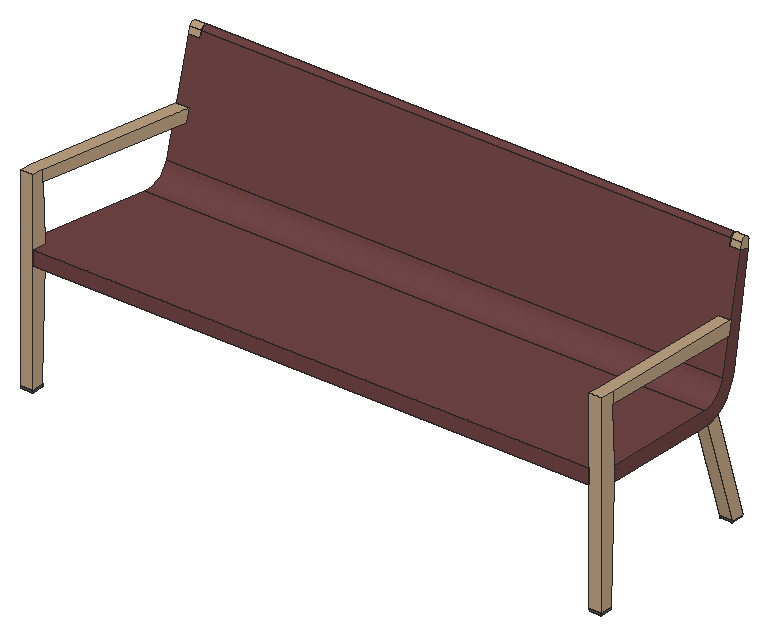
Revit family "Haworth_Janus_Quinta_Sofas", category Furniture, Revit 2018
Family settings
  OmniClass Number = 23.40.70.14.64.21
  OmniClass Title = Systems Furniture
  Work Plane-Based = No
  Always vertical = Yes
  Cut with Voids When Loaded = No
  Shared = No
  Room Calculation Point = No
Parameters (values of type "HCJC-QN-L3A-W - Three Seats")
  Wood Finish = Haworth _ Wood _ JanusQuinta _ Natural Teak JW1-97
  Warranty = "https://www.haworth.com/resources/product-info/warranties"
  URL - Product = "https://www.haworth.com/products/seating/outdoor/quinta"
  Type Comments = ""
  Two Seats = no
  Three Seats = not(Two Seats)  # yes
  Support Finish [instance] = Haworth _ Fabric _ JANUSfiber _ Bronze JJF-40
  Arm Height = 25"  # constant formula
  Model = "HCJC-QN-L3A-W"
  URL = "http://www.haworth.com/our-brands/haworth-collection"
  Size = "Verify Final Dim. w/ Haworth"  # constant formula
  Revision Number = "2"  # constant formula
  Manufacturer = "Haworth"  # constant formula
  Seat Height = 16 1/2"  # constant formula
  Glide Finish = Haworth _ Polymer _ Black
  Description = "Haworth Janus Quinta - Three Seat Sofa"
  Author = "Haworth (Abd Rahman)"  # constant formula
  Assembly Code = "E2020200"
  Actual Width = if(Two Seats, 53", 74 3/4")  # 74 3/4"
  Actual Height = 32"  # constant formula
  Actual Depth = 26"  # constant formula
Types (3): name | Two Seats | Three Seats | Model | Description | Actual Width
  (no name) | no | yes | "HCJC-QN-L3A-W" | "Haworth Janus Quinta - Three Seat Sofa" | 74 3/4"
  HCJC-QN-L3A-W - Three Seats | no | yes | "HCJC-QN-L3A-W" | "Haworth Janus Quinta - Three Seat Sofa" | 74 3/4"
  HCJC-QN-L2A-W - Two Seats | yes | no | "HCJC-QN-L2A-W" | "Haworth Janus Quinta - Two Seat Sofa" | 53"
Reference planes (in)
  plane 1 "Center F/B": y = -0.15866
  plane 2 "Floor": z = 0
  plane 3 "Center L/R": x = -0.125
  plane 4: z = 0
  plane 5: x = -37.5
  plane 6: y = 12.84134
  plane 7: y = -13.15866
  plane 8: x = 37.25
  plane 9 "Arm Height": z = 25
  plane 10: z = 0.25
  plane 11 "Leg Height": z = 16.5
  plane 12: z = 32
  plane 13: x = 35.65299
  plane 14: x = -35.90299
  plane 15: x = 33.91372
  plane 16: x = -34.16372
  plane 17: through (480, 9.96266, 0.25) normal (0, -0.9547, -0.2977)
  plane 18: through (480, 11.48522, 0.25) normal (0, -0.959, -0.2835)
Forms (in)
  Extrusion 1, void
    sketch origin (0.47656, 0, 0) x (1, 0, 0) y (0, 1, 0)
      loop
        line (35.10257, 10.0191) -> (36.77344, -11.31374) -> (36.77344, -13.15866) -> (38.11528, -13.15866) -> (38.11528, 10.0191) -> (35.10257, 10.0191)
      loop
        line (33.50108, 9.94654) -> (33.08453, 9.94654) -> (33.08453, -13.20641) -> (35.17643, -13.20641) -> (35.17643, -11.69416) -> (35.14883, -11.58972) -> (33.50108, 9.94654)
    from 14.27881 to 27.46666
  Extrusion 2, solid, material "Haworth _ Fabric _ JANUSfiber _ Bronze JJF-40" <- "Support Finish"
    sketch origin (-0.125, 0, 0.02927) x (0, 1, 0) y (0, 0, 1)
      loop
        line (-13.15866, 14.53384) -> (4.97522, 13.15098)
        arc (4.97522, 13.15098) -> (8.39691, 14.16797) -> (10.26838, 17.20767) r 5
        line (10.26838, 17.20767) -> (12.8936, 31.09358)
        arc (12.8936, 31.09358) -> (12.45463, 31.75665) -> (11.77973, 31.33608) r 0.5702
        line (11.77973, 31.33608) -> (8.32845, 17.34731)
        arc (8.32845, 17.34731) -> (7.17468, 15.63562) -> (5.18815, 15.07456) r 3
        line (5.18815, 15.07456) -> (-13.15866, 16.47073) -> (-13.15866, 14.53384)
    from -37.375 to 37.375
  Extrusion 3, void
    sketch origin (0, 0, 0) x (1, 0, 0) y (0, 1, 0)
      loop
        line (-37.47457, -11.33217) -> (-35.43689, 13.74055) -> (-38.50316, 13.74055) -> (-38.50316, -11.33217) -> (-37.47457, -11.33217)
    from 13.03853 to 36.94343
  Extrusion 4, solid, material "Haworth _ Fabric _ JANUSfiber _ Bronze JJF-40" <- "Support Finish"
    sketch origin (-0.125, 0, 0.11987) x (0, 1, 0) y (0, 0, -1)
      loop
        line (-13.15866, -0.13013) -> (-13.15866, -24.94257)
        arc (-13.15866, -24.94257) -> (-13.148, -24.9759) -> (-13.11998, -24.99685) r 0.05743
        line (-13.11998, -24.99685) -> (-11.60413, -24.88059) -> (-11.27236, -16.4375) -> (-11.27236, -14.56279) -> (-11.66307, -0.13013) -> (-13.15866, -0.13013)
    from -35.77799 to -37.375
  Extrusion 5, solid, material "Haworth _ Polymer _ Black" <- "Glide Finish"
    sketch origin (0, 0.21875, 0) x (1, 0, 0) y (0, 1, 0)
      loop
        arc (35.76313, -11.76496) -> (35.67444, -11.8017) -> (35.6377, -11.8904) r 0.12543
        line (35.6377, -11.8904) -> (35.6377, -13.29903)
        arc (35.6377, -13.29903) -> (35.67464, -13.38822) -> (35.76383, -13.42516) r 0.12613
        line (35.76383, -13.42516) -> (37.125, -13.42516)
        arc (37.125, -13.42516) -> (37.21339, -13.38855) -> (37.25, -13.30016) r 0.125
        line (37.25, -13.30016) -> (37.25, -11.88996)
        arc (37.25, -11.88996) -> (37.21339, -11.80158) -> (37.125, -11.76496) r 0.125
        line (37.125, -11.76496) -> (35.76313, -11.76496)
    from 0 to 0.25
  Extrusion 6, solid, material "Haworth _ Polymer _ Black" <- "Glide Finish"
    sketch origin (-0.25, 0.21875, 0) x (-1, 0, 0) y (0, -1, 0)
      loop
        line (35.76313, 11.76496) -> (37.125, 11.76496)
        arc (37.125, 11.76496) -> (37.21339, 11.80158) -> (37.25, 11.88996) r 0.125
        line (37.25, 11.88996) -> (37.25, 13.30016)
        arc (37.25, 13.30016) -> (37.21339, 13.38855) -> (37.125, 13.42516) r 0.125
        line (37.125, 13.42516) -> (35.76383, 13.42516)
        arc (35.76383, 13.42516) -> (35.67464, 13.38822) -> (35.6377, 13.29903) r 0.12613
        line (35.6377, 13.29903) -> (35.6377, 11.8904)
        arc (35.6377, 11.8904) -> (35.67444, 11.8017) -> (35.76313, 11.76496) r 0.12543
    from 0 to 0.25
  Extrusion 7, solid, material "Haworth _ Polymer _ Black" <- "Glide Finish"
    sketch origin (-1.66895, -1.86112, 0) x (1, 0, 0) y (0, 1, 0)
      loop
        line (35.76313, 11.76496) -> (37.125, 11.76496)
        arc (37.125, 11.76496) -> (37.21339, 11.80158) -> (37.25, 11.88996) r 0.125
        line (37.25, 11.88996) -> (37.25, 13.30016)
        arc (37.25, 13.30016) -> (37.21339, 13.38855) -> (37.125, 13.42516) r 0.125
        line (37.125, 13.42516) -> (35.76383, 13.42516)
        arc (35.76383, 13.42516) -> (35.67464, 13.38822) -> (35.6377, 13.29903) r 0.12613
        line (35.6377, 13.29903) -> (35.6377, 11.8904)
        arc (35.6377, 11.8904) -> (35.67444, 11.8017) -> (35.76313, 11.76496) r 0.12543
    from 0 to 0.25
  Extrusion 8, solid, material "Haworth _ Polymer _ Black" <- "Glide Finish"
    sketch origin (1.39766, -1.86114, 0) x (-1, 0, 0) y (0, -1, 0)
      loop
        arc (35.76313, -11.76496) -> (35.67444, -11.8017) -> (35.6377, -11.8904) r 0.12543
        line (35.6377, -11.8904) -> (35.6377, -13.29903)
        arc (35.6377, -13.29903) -> (35.67464, -13.38822) -> (35.76383, -13.42516) r 0.12613
        line (35.76383, -13.42516) -> (37.125, -13.42516)
        arc (37.125, -13.42516) -> (37.21339, -13.38855) -> (37.25, -13.30016) r 0.125
        line (37.25, -13.30016) -> (37.25, -11.88996)
        arc (37.25, -11.88996) -> (37.21339, -11.80158) -> (37.125, -11.76496) r 0.125
        line (37.125, -11.76496) -> (35.76313, -11.76496)
    from 0 to 0.25
  Extrusion 9, solid, material "Haworth _ Fabric _ JANUSfiber _ Bronze JJF-40" <- "Support Finish"
    sketch origin (-0.125, 0, 0.11987) x (0, 1, 0) y (0, 0, 1)
      loop
        line (-13.15866, 23.59437) -> (9.34235, 21.61776) -> (9.74341, 23.24333) -> (-13.15866, 24.99982) -> (-13.15866, 23.59437)
    from 34.03872 to 37.375
  Extrusion 10, void
    sketch origin (-0.72656, 0, 0) x (-1, 0, 0) y (0, -1, 0)
      loop
        line (35.10257, -10.0191) -> (38.11528, -10.0191) -> (38.11528, 13.50291) -> (36.77344, 13.50291) -> (36.77344, 11.31374) -> (35.10257, -10.0191)
      loop
        line (33.50108, -9.94654) -> (35.14883, 11.58972) -> (35.17643, 11.6293) -> (35.17643, 13.55224) -> (33.08453, 13.55224) -> (33.08453, -9.94654) -> (33.50108, -9.94654)
    from 14.27881 to 27.46666
  Extrusion 11, solid, material "Haworth _ Fabric _ JANUSfiber _ Bronze JJF-40" <- "Support Finish"
    sketch origin (-0.125, 0, 0.27021) x (0, 1, 0) y (0, 0, 1)
      loop
        line (9.96266, -0.02021) -> (11.48522, -0.02021) -> (7.40213, 13.7909)
        arc (7.40213, 13.7909) -> (6.62102, 13.48718) -> (5.79532, 13.34367) r 4.22326
        line (5.79532, 13.34367) -> (9.96266, -0.02021)
    from 34.03872 to 35.77799
  Extrusion 12, solid, material "Haworth _ Fabric _ JANUSfiber _ Bronze JJF-40" <- "Support Finish"
    sketch origin (-0.125, 0, 0.27021) x (0, 1, 0) y (0, 0, -1)
      loop
        line (10.04693, 0.02021) -> (5.87958, -13.34367)
        arc (5.87958, -13.34367) -> (6.70303, -13.48761) -> (7.48201, -13.7909) r 4.22365
        line (7.48201, -13.7909) -> (11.56511, 0.02021) -> (10.04693, 0.02021)
    from 34.03872 to 35.77799
  Extrusion 13, solid, material "Haworth _ Wood _ JanusQuinta _ Natural Teak JW1-97" <- "Wood Finish", visible <- "Three Seats"
    sketch origin (-35.19497, 0, 0.27021) x (0, 1, 0) y (0, 0, 1)
      loop
        line (10.04693, -0.02021) -> (11.56511, -0.02021) -> (7.48201, 13.7909)
        arc (7.48201, 13.7909) -> (6.70303, 13.48761) -> (5.87958, 13.34367) r 4.22365
        line (5.87958, 13.34367) -> (10.04693, -0.02021)
    from 34.03872 to 35.77799
  Extrusion 14, void
    sketch origin (-0.25, 0, 0) x (-1, 0, 0) y (0, -1, 0)
      loop
        line (-37.47457, 11.33217) -> (-38.50316, 11.33217) -> (-38.50316, -13.74055) -> (-35.43689, -13.74055) -> (-37.47457, 11.33217)
    from 13.03853 to 36.94343
  Extrusion 15, solid, material "Haworth _ Polymer _ Black" <- "Glide Finish", visible <- "Three Seats"
    sketch origin (-25.8701, -1.86112, 0) x (1, 0, 0) y (0, 1, 0)
      loop
        line (24.88813, 11.76496) -> (26.25, 11.76496)
        arc (26.25, 11.76496) -> (26.33839, 11.80158) -> (26.375, 11.88996) r 0.125
        line (26.375, 11.88996) -> (26.375, 13.30016)
        arc (26.375, 13.30016) -> (26.33839, 13.38855) -> (26.25, 13.42516) r 0.125
        line (26.25, 13.42516) -> (24.88883, 13.42516)
        arc (24.88883, 13.42516) -> (24.79964, 13.38822) -> (24.7627, 13.29903) r 0.12613
        line (24.7627, 13.29903) -> (24.7627, 11.8904)
        arc (24.7627, 11.8904) -> (24.79944, 11.8017) -> (24.88813, 11.76496) r 0.12543
    from 0 to 0.25
  Extrusion 16, void
    sketch origin (0, 0, 0) x (1, 0, 0) y (0, 1, 0)
      loop
        line (35.65299, -13.15866) -> (37.25, -13.15866) -> (37.25, -11.27236) -> (35.65299, -11.27236) -> (35.65299, -13.15866)
    from 14.23171 to 16.67931
  Extrusion 17, void
    sketch origin (-0.25, 0, 0) x (-1, 0, 0) y (0, -1, 0)
      loop
        line (35.65299, 13.15866) -> (35.65299, 11.27236) -> (37.25, 11.27236) -> (37.25, 13.15866) -> (35.65299, 13.15866)
    from 14.23171 to 16.67931
  Extrusion 18, solid, material "Haworth _ Fabric _ JANUSfiber _ Bronze JJF-40" <- "Support Finish"
    sketch origin (-0.125, 0, 0.00018) x (0, 1, 0) y (0, 0, -1)
      loop
        line (-13.15866, -23.71406) -> (-13.15866, -25.11951) -> (9.77239, -23.36079) -> (9.37126, -21.73491) -> (-13.15866, -23.71406)
    from 37.375 to 34.03872
  Extrusion 19, solid, material "Haworth _ Fabric _ JANUSfiber _ Bronze JJF-40" <- "Support Finish"
    sketch origin (-0.125, 0, 0.11987) x (0, 1, 0) y (0, 0, 1)
      loop
        line (-13.15866, 0.13013) -> (-11.66307, 0.13013) -> (-11.27236, 14.56279) -> (-11.27236, 16.4375) -> (-11.60413, 24.88059) -> (-13.11998, 24.99685)
        arc (-13.11998, 24.99685) -> (-13.148, 24.9759) -> (-13.15866, 24.94257) r 0.05743
        line (-13.15866, 24.94257) -> (-13.15866, 0.13013)
    from -35.77799 to -37.375
  Extrusion 20, solid, material "Haworth _ Wood _ JanusQuinta _ Natural Teak JW1-97" <- "Wood Finish"
    sketch origin (-0.125, 0, 0) x (0, 1, 0) y (0, 0, 1)
      loop
        line (12.73329, 30.2749) -> (12.8936, 31.12285)
        arc (12.8936, 31.12285) -> (12.45463, 31.78592) -> (11.77973, 31.36536) r 0.5702
        line (11.77973, 31.36536) -> (11.58084, 30.55923) -> (12.73329, 30.2749)
    from 34.03872 to 35.77799
  Extrusion 21, void
    sketch origin (-0.125, 0, 0) x (0, 1, 0) y (0, 0, 1)
      loop
        line (11.77973, 31.36536) -> (11.58084, 30.55923) -> (12.73329, 30.2749) -> (12.8936, 31.12285)
        arc (12.8936, 31.12285) -> (12.45463, 31.78592) -> (11.77973, 31.36536) r 0.5702
    from 34.03872 to 40.84839
  Extrusion 22, void
    sketch origin (-0.25869, 0, 0) x (0, 1, 0) y (0, 0, -1)
      loop
        arc (11.77973, -31.36536) -> (12.45463, -31.78592) -> (12.8936, -31.12285) r 0.5702
        line (12.8936, -31.12285) -> (12.73329, -30.2749) -> (11.58084, -30.55923) -> (11.77973, -31.36536)
    from 33.90503 to 40.84839
  Extrusion 23, solid, material "Haworth _ Wood _ JanusQuinta _ Natural Teak JW1-97" <- "Wood Finish"
    sketch origin (-0.125, 0, 0) x (0, 1, 0) y (0, 0, -1)
      loop
        line (12.73329, -30.2749) -> (11.58084, -30.55923) -> (11.77973, -31.36536)
        arc (11.77973, -31.36536) -> (12.45463, -31.78592) -> (12.8936, -31.12285) r 0.5702
        line (12.8936, -31.12285) -> (12.73329, -30.2749)
    from 34.03872 to 35.77799
Cuts and joins
  Extrusion 1, Extrusion 14, Extrusion 16 cuts Extrusion 9
  Extrusion 16 cuts Extrusion 11
  Extrusion 16 cuts Extrusion 12
  joined: Extrusion 4, Extrusion 9, Extrusion 11, Extrusion 12
  Extrusion 3, Extrusion 14, Extrusion 16, Extrusion 17, Extrusion 21, Extrusion 22 cuts Extrusion 2
  Extrusion 16 cuts Extrusion 5
  Extrusion 16 cuts Extrusion 13
  Extrusion 10 cuts Extrusion 18
  joined: Extrusion 18, Extrusion 19
  Extrusion 14, Extrusion 22 cuts Extrusion 20
  Extrusion 3 cuts Extrusion 23
Lines and regions (in)
  Masking region 1
    outline origin (0, 0, 0) x (1, 0, 0) y (0, 1, 0)
      loop
        line (37.25, 12.84134) -> (-37.5, 12.84134) -> (-37.5, -13.15866) -> (37.25, -13.15866) -> (37.25, 12.84134)
  symbolic lines, style "Haworth"
    curve 1: line (-35.90299, -13.15866, 0) -> (-35.90299, 9.34134, 0)
    curve 2: line (-35.90299, 9.34134, 0) -> (-37.5, 9.34134, 0)
    curve 3: line (-35.90299, 5.87958, 0) -> (35.65299, 5.87958, 0)
    curve 4: line (35.76383, 9.29359, 0) -> (35.76383, -13.20641, 0)
    curve 5: line (35.76383, 9.29359, 0) -> (37.25, 9.29359, 0)
Dimensions and locks (in)
  "Actual Width": plane 5 to plane 8
  equal spacing: plane 5, plane 3 "Center L/R", plane 8
  "Actual Depth": plane 6 to plane 7
  equal spacing: plane 6, plane 1 "Center F/B", plane 7
  "Seat Height": plane 11 "Leg Height" to plane 4
  "Arm Height": plane 9 "Arm Height" to plane 4
  "Actual Height": plane 12 to plane 4
  plane 16 to plane 14 to plane 5 = 1.73927" locked, 1.59701" locked
  plane 15 to plane 13 to plane 8 = 1.73927" locked, 1.59701" locked
  aligned and locked: Extrusion 2 to plane 5
  aligned and locked: Extrusion 2 to plane 8
  aligned and locked: plane 8 to Extrusion 5 sketch curve
  aligned and locked: Extrusion 5 to plane 4
  aligned and locked: plane 10 to Extrusion 5
  aligned and locked: Extrusion 9 to plane 8
  aligned and locked: plane 15 to Extrusion 9
  aligned and locked: plane 7 to Extrusion 4 sketch curve
  aligned and locked: Extrusion 11 to plane 10
  aligned and locked: Extrusion 11 to plane 18
  aligned and locked: plane 17 to Extrusion 11
  aligned and locked: Extrusion 11 to plane 13
  aligned and locked: plane 15 to Extrusion 11
  aligned and locked: plane 16 to Extrusion 12
  aligned and locked: plane 14 to Extrusion 12
  aligned and locked: Extrusion 11 to plane 15
  aligned and locked: Extrusion 12 to plane 16
  aligned and locked: plane 13 to Extrusion 11  (x2)
  aligned and locked: plane 8 to cut or joined group of Extrusion 1, Extrusion 4, Extrusion 9, Extrusion 11, Extrusion 12, Extrusion 14, Extrusion 16
  aligned and locked: plane 13 to cut or joined group of Extrusion 1, Extrusion 4, Extrusion 9, Extrusion 11, Extrusion 12, Extrusion 14, Extrusion 16
  aligned and locked: cut or joined group of Extrusion 1, Extrusion 4, Extrusion 9, Extrusion 11, Extrusion 12, Extrusion 14, Extrusion 16 to plane 10  (x2)
  aligned and locked: plane 16 to cut or joined group of Extrusion 1, Extrusion 4, Extrusion 9, Extrusion 11, Extrusion 12, Extrusion 14, Extrusion 16
  aligned and locked: plane 7 to Extrusion 9 sketch curve
  aligned and locked: plane 7 to Extrusion 18 sketch curve
  aligned and locked: Extrusion 19 to plane 14
  aligned and locked: Extrusion 19 to plane 5
  aligned and locked: Extrusion 18 sketch curve to Extrusion 19
  aligned and locked: Extrusion 18 sketch curve to cut or joined group of Extrusion 1, Extrusion 4, Extrusion 9, Extrusion 11, Extrusion 12, Extrusion 14, Extrusion 16
  aligned and locked: plane 16 to cut or joined group of Extrusion 10, Extrusion 18, Extrusion 19
  aligned and locked: cut or joined group of Extrusion 10, Extrusion 18, Extrusion 19 to plane 5
  aligned and locked: Masking region 1 to plane 6
  aligned and locked: cut or joined group of Extrusion 2, Extrusion 3, Extrusion 14, Extrusion 16, Extrusion 17, Extrusion 21, Extrusion 22 to plane 7
  aligned and locked: Masking region 1 to plane 5
  aligned and locked: Masking region 1 to plane 8
  aligned and locked: cut or joined group of Extrusion 10, Extrusion 18, Extrusion 19 to plane 7  (x5)
  aligned and locked: cut or joined group of Extrusion 1, Extrusion 4, Extrusion 9, Extrusion 11, Extrusion 12, Extrusion 14, Extrusion 16 to plane 7  (x3)
  aligned and locked: plane 5 to cut or joined group of Extrusion 10, Extrusion 18, Extrusion 19
  aligned and locked: plane 14 to cut or joined group of Extrusion 10, Extrusion 18, Extrusion 19
  aligned and locked: plane 14 to cut or joined group of Extrusion 1, Extrusion 4, Extrusion 9, Extrusion 11, Extrusion 12, Extrusion 14, Extrusion 16
  aligned and locked: cut or joined group of Extrusion 1, Extrusion 4, Extrusion 9, Extrusion 11, Extrusion 12, Extrusion 14, Extrusion 16 to plane 16
  aligned and locked: plane 7 to Extrusion 19 sketch curve
  aligned and locked: plane 10 to Extrusion 19 sketch curve
  aligned and locked: plane 15 to cut or joined group of Extrusion 14, Extrusion 20, Extrusion 22
  aligned and locked: cut or joined group of Extrusion 14, Extrusion 20, Extrusion 22 to plane 13
  aligned and locked: plane 14 to Extrusion 23
  aligned and locked: plane 16 to Extrusion 23
  aligned and locked: Extrusion 21 to cut or joined group of Extrusion 14, Extrusion 20, Extrusion 22
  aligned and locked: Extrusion 22 to Extrusion 23
Automatic sketch dimensions
  curve 2 to plane 5 = 0"
  curve 2 to plane 14 = 0"
  curve 3 to plane 13 = 0"
  curve 5 to plane 8 = 0"
  curve 1 to plane 7 = 0"
  curve 5 to plane 13 = 0.11084"
  plane 6 to curve 5 = 3.54775"
  plane 6 to curve 1 = 3 1/2"
  curve 4 to plane 7 = 0.04775"
  curve 3 to curve 4 = 3.41401"
  Extrusion 1 sketch curve to plane 13 = 0"
  Extrusion 1 sketch curve to plane 8 = 0"
  Extrusion 1 sketch curve to plane 7 = 0"
  plane 13 to Extrusion 1 sketch curve = 0.0276"
  plane 13 to Extrusion 1 sketch curve = 0.07385"
  Extrusion 1 sketch curve to plane 15 = 0.06393"
  Extrusion 1 sketch curve to plane 7 = 0.04775"
  plane 15 to Extrusion 1 sketch curve = 0.35263"
  Extrusion 1 sketch curve to plane 8 = 1.34185"
  plane 7 to Extrusion 1 sketch curve = 1.4645"
  Extrusion 1 sketch curve to Extrusion 1 sketch curve = 0.10444"
  Extrusion 1 sketch curve to Extrusion 1 sketch curve = 0.38043"
  plane 6 to Extrusion 1 sketch curve = 2.8948"
  Extrusion 1 sketch curve to Extrusion 1 sketch curve = 0.07256"
  Extrusion 2 sketch curve to plane 7 = 0"
  Extrusion 2 sketch curve to plane 11 "Leg Height" = 0"
  Extrusion 2 sketch curve to plane 1 "Center F/B" = 5.13388"
  Extrusion 2 sketch curve to plane 11 "Leg Height" = 1.39617"
  Extrusion 2 sketch curve to Extrusion 2 sketch curve = 0.21293"
  Extrusion 2 sketch curve to Extrusion 2 sketch curve = 0.16726"
  Extrusion 2 sketch curve to Extrusion 2 sketch curve = 0.06038"
  plane 11 "Leg Height" to Extrusion 2 sketch curve = 0.87658"
  Extrusion 2 sketch curve to Extrusion 2 sketch curve = 2.91266"
  plane 11 "Leg Height" to Extrusion 2 sketch curve = 0.73695"
  Extrusion 2 sketch curve to Extrusion 2 sketch curve = 1.93992"
  plane 6 to Extrusion 2 sketch curve = 1.06161"
  plane 6 to Extrusion 2 sketch curve = 0.50801"
  Extrusion 2 sketch curve to plane 6 = 0.05226"
  Extrusion 2 sketch curve to Extrusion 2 sketch curve = 1.93688"
  Extrusion 2 sketch curve to Extrusion 2 sketch curve = 1.92358"
  Extrusion 2 sketch curve to plane 12 = 0.87715"
  Extrusion 2 sketch curve to Extrusion 2 sketch curve = 0.10592"
  Extrusion 3 sketch curve to plane 5 = 1.00316"
  plane 5 to Extrusion 3 sketch curve = 0.02543"
  Extrusion 3 sketch curve to plane 14 = 0.4661"
  plane 7 to Extrusion 3 sketch curve = 1.82649"
  Extrusion 3 sketch curve to plane 6 = 0.89921"
  Extrusion 4 sketch curve to plane 10 = 0"
  plane 7 to Extrusion 4 sketch curve = 0.03868"
  Extrusion 4 sketch curve to Extrusion 4 sketch curve = 0.01875"
  Extrusion 4 sketch curve to Extrusion 4 sketch curve = 1.49559"
  plane 9 "Arm Height" to Extrusion 4 sketch curve = 0.00046"
  Extrusion 4 sketch curve to Extrusion 4 sketch curve = 1.49709"
  plane 7 to Extrusion 4 sketch curve = 1.8863"
  plane 9 "Arm Height" to Extrusion 4 sketch curve = 0.06244"
  plane 11 "Leg Height" to Extrusion 4 sketch curve = 0.05737"
  Extrusion 4 sketch curve to plane 11 "Leg Height" = 1.81734"
  plane 7 to Extrusion 5 sketch curve = 0.07725"
  plane 8 to Extrusion 5 sketch curve = 1/8"  (x2)
  Extrusion 5 sketch curve to plane 13 = 0.11084"
  Extrusion 5 sketch curve to plane 13 = 0.11014"
  plane 13 to Extrusion 5 sketch curve = 0.01529"
  Extrusion 5 sketch curve to Extrusion 5 sketch curve = 1.40863"
  Extrusion 6 sketch curve to plane 5 = 0"
  Extrusion 6 sketch curve to plane 7 = 0.07725"
  Extrusion 6 sketch curve to Extrusion 6 sketch curve = 1/8"  (x2)
  Extrusion 6 sketch curve to plane 14 = 0.11084"
  Extrusion 6 sketch curve to plane 14 = 0.11014"
  plane 14 to Extrusion 6 sketch curve = 0.01529"
  Extrusion 6 sketch curve to Extrusion 6 sketch curve = 1.40863"
  plane 15 to Extrusion 7 sketch curve = 0.05503"
  Extrusion 7 sketch curve to Extrusion 7 sketch curve = 0.12543"
  Extrusion 7 sketch curve to Extrusion 7 sketch curve = 0.12613"
  Extrusion 7 sketch curve to plane 13 = 0.19694"  (x2)
  Extrusion 7 sketch curve to plane 13 = 0.07194"
  Extrusion 7 sketch curve to plane 6 = 1.2773"
  Extrusion 7 sketch curve to Extrusion 7 sketch curve = 1.40863"
  Extrusion 8 sketch curve to plane 16 = 0.07632"
  Extrusion 8 sketch curve to Extrusion 8 sketch curve = 0.12543"
  Extrusion 8 sketch curve to Extrusion 8 sketch curve = 0.12613"
  Extrusion 8 sketch curve to plane 14 = 0.17565"  (x2)
  Extrusion 8 sketch curve to plane 14 = 0.05065"
  plane 6 to Extrusion 8 sketch curve = 1.27732"
  Extrusion 8 sketch curve to Extrusion 8 sketch curve = 1.40863"
  plane 6 to Extrusion 9 sketch curve = 3.49899"
  Extrusion 9 sketch curve to Extrusion 9 sketch curve = 0.40105"
  Extrusion 9 sketch curve to plane 9 "Arm Height" = 3.26237"
  Extrusion 9 sketch curve to plane 9 "Arm Height" = 1.6368"
  Extrusion 9 sketch curve to plane 9 "Arm Height" = 1.28576"
  plane 9 "Arm Height" to Extrusion 9 sketch curve = 0.11969"
  Extrusion 10 sketch curve to plane 14 = 0"
  Extrusion 10 sketch curve to plane 5 = 0"
  plane 14 to Extrusion 10 sketch curve = 0.0276"
  plane 14 to Extrusion 10 sketch curve = 0.07385"
  plane 16 to Extrusion 10 sketch curve = 0.06393"
  Extrusion 10 sketch curve to plane 16 = 0.35263"
  plane 5 to Extrusion 10 sketch curve = 1.34185"
  plane 7 to Extrusion 10 sketch curve = 0.39358"
  plane 7 to Extrusion 10 sketch curve = 0.34425"
  Extrusion 10 sketch curve to plane 7 = 1.52936"
  Extrusion 10 sketch curve to Extrusion 10 sketch curve = 0.03958"
  Extrusion 10 sketch curve to Extrusion 10 sketch curve = 0.31557"
  Extrusion 10 sketch curve to plane 6 = 2.8948"
  Extrusion 10 sketch curve to Extrusion 10 sketch curve = 0.07256"
  plane 17 to Extrusion 11 sketch curve = 0"  (x2)
  plane 18 to Extrusion 11 sketch curve = 0"  (x2)
  Extrusion 11 sketch curve to plane 10 = 0"
  Extrusion 11 sketch curve to plane 11 "Leg Height" = 2.43889"
  level to Extrusion 11 sketch curve = 13.61388"
  plane 11 "Leg Height" to Extrusion 11 sketch curve = 1.32599"
  Extrusion 12 sketch curve to plane 10 = 0"
  plane 11 "Leg Height" to Extrusion 12 sketch curve = 1.32599"
  Extrusion 12 sketch curve to plane 1 "Center F/B" = 5.72628"
  Extrusion 12 sketch curve to plane 11 "Leg Height" = 2.88612"
  Extrusion 12 sketch curve to Extrusion 12 sketch curve = 0.31196"
  Extrusion 12 sketch curve to plane 11 "Leg Height" = 2.43889"
  plane 6 to Extrusion 12 sketch curve = 2.79441"
  plane 6 to Extrusion 12 sketch curve = 1.27623"
  Extrusion 13 sketch curve to plane 10 = 0"
  plane 11 "Leg Height" to Extrusion 13 sketch curve = 1.32599"
  Extrusion 13 sketch curve to plane 1 "Center F/B" = 5.72628"
  Extrusion 13 sketch curve to plane 11 "Leg Height" = 2.88612"
  Extrusion 13 sketch curve to Extrusion 13 sketch curve = 0.31196"
  Extrusion 13 sketch curve to plane 11 "Leg Height" = 2.43889"
  plane 6 to Extrusion 13 sketch curve = 2.79441"
  plane 6 to Extrusion 13 sketch curve = 1.27623"
  plane 8 to Extrusion 14 sketch curve = 1.00316"
  Extrusion 14 sketch curve to plane 8 = 0.02543"
  Extrusion 14 sketch curve to plane 13 = 0.4661"
  Extrusion 14 sketch curve to plane 7 = 1.82649"
  plane 6 to Extrusion 14 sketch curve = 0.89921"
  plane 3 "Center L/R" to Extrusion 15 sketch curve = 0.9824"
  Extrusion 15 sketch curve to Extrusion 15 sketch curve = 0.12543"
  Extrusion 15 sketch curve to Extrusion 15 sketch curve = 0.12613"
  Extrusion 15 sketch curve to plane 3 "Center L/R" = 0.5049"  (x2)
  Extrusion 15 sketch curve to Extrusion 15 sketch curve = 1/8"
  Extrusion 15 sketch curve to plane 6 = 1.2773"
  Extrusion 15 sketch curve to Extrusion 15 sketch curve = 1.40863"
  Extrusion 16 sketch curve to plane 13 = 0"
  Extrusion 16 sketch curve to plane 7 = 0"
  Extrusion 16 sketch curve to plane 8 = 0"
  plane 7 to Extrusion 16 sketch curve = 1.8863"
  Extrusion 17 sketch curve to plane 14 = 0"
  Extrusion 17 sketch curve to plane 5 = 0"
  Extrusion 17 sketch curve to plane 7 = 0"
  Extrusion 17 sketch curve to plane 7 = 1.8863"
  Extrusion 18 sketch curve to plane 9 "Arm Height" = 3.26491"
  Extrusion 18 sketch curve to plane 9 "Arm Height" = 1.63903"
  plane 7 to Extrusion 19 sketch curve = 0.03868"
  Extrusion 19 sketch curve to Extrusion 19 sketch curve = 0.01875"
  Extrusion 19 sketch curve to Extrusion 19 sketch curve = 1.49559"
  plane 9 "Arm Height" to Extrusion 19 sketch curve = 0.00046"
  Extrusion 19 sketch curve to Extrusion 19 sketch curve = 1.49709"
  plane 7 to Extrusion 19 sketch curve = 1.8863"
  Extrusion 19 sketch curve to plane 11 "Leg Height" = 1.81734"
  plane 11 "Leg Height" to Extrusion 19 sketch curve = 0.05737"
  plane 9 "Arm Height" to Extrusion 19 sketch curve = 0.06244"
  Masking region 1 sketch curve to plane 5 = 0"
  plane 6 to Masking region 1 sketch curve = 0"
  Masking region 1 sketch curve to plane 8 = 0"
  Masking region 1 sketch curve to plane 7 = 0"
  plane 6 to Extrusion 20 sketch curve = 1.2605"
  Extrusion 20 sketch curve to plane 12 = 0.63464"
  Extrusion 20 sketch curve to Extrusion 20 sketch curve = 0.19888"
  plane 6 to Extrusion 20 sketch curve = 0.50801"
  plane 6 to Extrusion 20 sketch curve = 0.10805"
  Extrusion 20 sketch curve to plane 6 = 0.05226"
  Extrusion 20 sketch curve to Extrusion 20 sketch curve = 0.13658"
  Extrusion 20 sketch curve to Extrusion 20 sketch curve = 0.80612"
  plane 6 to Extrusion 21 sketch curve = 1.2605"
  Extrusion 21 sketch curve to plane 12 = 0.63464"
  Extrusion 21 sketch curve to Extrusion 21 sketch curve = 0.19888"
  plane 6 to Extrusion 21 sketch curve = 0.50801"
  plane 6 to Extrusion 21 sketch curve = 0.10805"
  Extrusion 21 sketch curve to plane 6 = 0.05226"
  Extrusion 21 sketch curve to Extrusion 21 sketch curve = 0.13658"
  Extrusion 21 sketch curve to Extrusion 21 sketch curve = 0.80612"
  plane 6 to Extrusion 22 sketch curve = 1.2605"
  Extrusion 22 sketch curve to plane 12 = 0.63464"
  Extrusion 22 sketch curve to Extrusion 22 sketch curve = 0.19888"
  plane 6 to Extrusion 22 sketch curve = 0.50801"
  plane 6 to Extrusion 22 sketch curve = 0.10805"
  Extrusion 22 sketch curve to plane 6 = 0.05226"
  Extrusion 22 sketch curve to Extrusion 22 sketch curve = 0.13658"
  Extrusion 22 sketch curve to Extrusion 22 sketch curve = 0.80612"
  plane 6 to Extrusion 23 sketch curve = 1.2605"
  Extrusion 23 sketch curve to plane 12 = 0.63464"
  Extrusion 23 sketch curve to Extrusion 23 sketch curve = 0.19888"
  plane 6 to Extrusion 23 sketch curve = 0.50801"
  plane 6 to Extrusion 23 sketch curve = 0.10805"
  Extrusion 23 sketch curve to plane 6 = 0.05226"
  Extrusion 23 sketch curve to Extrusion 23 sketch curve = 0.13658"
  Extrusion 23 sketch curve to Extrusion 23 sketch curve = 0.80612"
